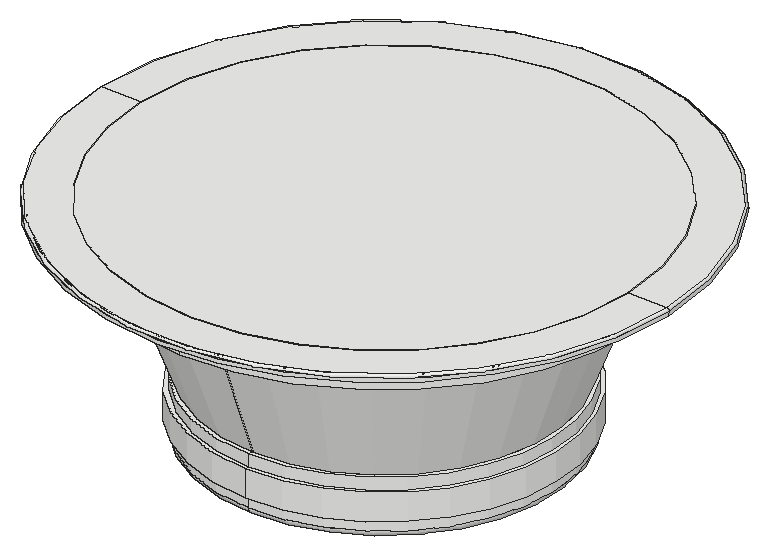
Revit family "Electronics_Commercial-Loudspeakers_Dual-Coil-Ceiling-Subwoofer_CMSUB8", category Communication Devices, host Face, Revit 2020
Family settings
  Host = Face
  Maintain Annotation Orientation = No
  Round Connector Dimension = Use Diameter
  Part Type = Normal
  OmniClass Number = 23.85.10.11.14.14.14
  OmniClass Title = Loudspeakers
  Cut with Voids When Loaded = No
  Shared = No
  Room Calculation Point = No
Parameters (values of type "CMSUB8")
  Grill Material = Biamp - Plastic - White(Grid)
  Frequency response in Hz = "50 - 200"  # constant formula
  Woofer size in inch = "8"  # constant formula
  Vertical dispersion angle 1000 Hz = "180°"  # constant formula
  Tweeter size in inch = "1"  # constant formula
  SPL 1W/1m in dB = "88"  # constant formula
  Max SPL 1m in dB = "107"  # constant formula
  Woofer cone material = "Coated paper"  # constant formula
  Weight = 4.62971 lbf  # constant formula
  URL = "https://www.biamp.com/"
  Product data url = "https://bimobject.com/biamp/product/cmsub8_commercial-loudspeakers-ceiling"
  Product Page URL = "https://www.biamp.com/products/product-families/commercial-loudspeakers/ceiling-loudspeakers#cmsub8"
  Product Documentation Link = "https://downloads.biamp.com/assets/docs/default-source/data-sheets/biamp_data_sheet_cmsub8_aug20.pdf"
  Mounting system = "3 screws"  # constant formula
  Model = "CMSUB8"  # constant formula
  Manufacturer = "Biamp"  # constant formula
  Main construction material = "ABS plastic"  # constant formula
  Low impedance dynamic power in watts = "2 x 80"  # constant formula
  Low impedance RMS power in watts = "2 x 40"  # constant formula
  Loudspeaker system = "Dual coil"  # constant formula
  Installation grip range in mm = "3 - 28"  # constant formula
  Impedance in ohms = "2 x 8"  # constant formula
  IP rating = "54"  # constant formula
  Housing Material = Biamp - Plastic - White
  Grille main material = "Aluminium"  # constant formula
  Diameter = 0' - 9.68504"  # constant formula
  Description = "CMSUB8 8 Dual Coil Ceiling Subwoofer"  # constant formula
  Depth = 0' - 3.8189"  # constant formula
  Default Elevation = 4' - 0"
  Cutout in mm = "223"  # constant formula
  Connector Description = "Terminal strip; Low impedance 2 x 8 ohms"  # constant formula
  Colour = "White"  # constant formula
  Closest RAL colour (subject to deviations) = "RAL9010"  # constant formula
  Applicable low impedance = "Yes"  # constant formula
Reference planes (in)
  plane 1 "Center (Front/Back)": y = 0
  plane 2: z = 0
  plane 3 "Center (Left/Right)": x = 0
Forms (in)
  Extrusion 1, solid, material "Biamp - Plastic - White" <- "Housing Material", detail levels coarse
    sketch origin (0, 0, 0) x (1, 0, 0) y (0, 1, 0)
      loop
        circle (0, 0) r 4.42462
    from -3.54331 to 0
  Extrusion 2, void
    sketch origin (0, 0, 0) x (1, 0, 0) y (0, 1, 0)
      loop
        circle (0, 0) r 4.42462
    from -3.54331 to 0
  Revolve 3, solid, material "Biamp - Plastic - White" <- "Housing Material", detail levels medium+fine
    sketch origin (0, 0, 0) x (1, 0, 0) y (0, 0, 1)
      loop
        line (0, 0) -> (0, 0.10089) -> (-4.8828, 0.10089)
        arc (-4.8828, 0.10089) -> (-4.91, 0.08962) -> (-4.92126, 0.06243) r 0.03846
        line (-4.92126, 0.06243) -> (-4.92126, 0) -> (0, 0)
      axis (0, 0) -> (0, 0.10089)
    angle from 0 to 360
  Revolve 4, solid, material "Biamp - Plastic - White" <- "Housing Material", detail levels medium+fine
    sketch origin (0, 0, 0) x (0, 1, 0) y (0, 0, 1)
      loop
        line (0, 0) -> (-4.42462, 0) -> (-4.42462, -0.3937) -> (-3.69441, -0.3937) -> (-2.84982, -2.59393) -> (-2.92172, -2.59393) -> (-2.92172, -2.79078) -> (-2.99014, -2.79078) -> (-2.99014, -3.24631) -> (-2.92172, -3.24631) -> (-2.92172, -3.42903)
        arc (-2.92172, -3.42903) -> (-2.88825, -3.50983) -> (-2.80744, -3.54331) r 0.11428
        line (-2.80744, -3.54331) -> (0, -3.54331) -> (0, 0)
      axis (0, 0) -> (0, -3.54331)
    angle from 0 to 360
  Extrusion 5, void
    sketch origin (0, 0.24606, 0) x (1, 0, 0) y (0, 1, 0)
      loop
        circle (0, -0.93002) r 0.59055
    from -3.72319 to -3.50842
  Revolve 6, solid, material "Biamp - Plastic - White" <- "Housing Material", detail levels coarse
    sketch origin (0, 0, 0) x (1, 0, 0) y (0, 0, 1)
      loop
        line (0, 0) -> (0, 0.10089) -> (-4.8828, 0.10089)
        arc (-4.8828, 0.10089) -> (-4.91, 0.08962) -> (-4.92126, 0.06243) r 0.03846
        line (-4.92126, 0.06243) -> (-4.92126, 0) -> (0, 0)
      axis (0, 0) -> (0, 0.10089)
    angle from 0 to 360
  Extrusion 7, void
    sketch origin (0, 0, 0) x (1, 0, 0) y (0, 1, 0)
      loop
        circle (0, 0) r 4.2126
    from 0 to 0.38008
  Extrusion 8, solid, material "Biamp - Plastic - White(Grid)" <- "Grill Material", detail levels medium+fine
    sketch origin (0, 0, 0) x (1, 0, 0) y (0, 1, 0)
      loop
        circle (0, 0) r 4.2126
    from 0 to 0.10089
Cuts and joins
  Extrusion 5, Extrusion 7 cuts Extrusion 1
  Extrusion 5, Extrusion 7 cuts Revolve 3
  Extrusion 5, Extrusion 7 cuts Revolve 4
Lines and regions (in)
  Masking region 1
    outline origin (0, 0, 0) x (1, 0, 0) y (0, 0, 1)
      loop
        line (-4.42983, 0) -> (-4.42983, -3.54331) -> (4.42844, -3.54331) -> (4.42844, 0) -> (-4.42983, 0)
  Masking region 2
    outline origin (0, 0, 0) x (1, 0, 0) y (0, 0, 1)
      loop
        line (-4.92227, 0) -> (4.92227, 0) -> (4.92227, 0.06237)
        arc (4.92227, 0.06237) -> (4.91099, 0.0896) -> (4.88375, 0.10089) r 0.03852
        line (4.88375, 0.10089) -> (-4.88375, 0.10089)
        arc (-4.88375, 0.10089) -> (-4.91099, 0.0896) -> (-4.92227, 0.06237) r 0.03852
        line (-4.92227, 0.06237) -> (-4.92227, 0)
  Masking region 3
    outline origin (0, 0, 0) x (1, 0, 0) y (0, 1, 0)
      loop
        circle (0, 0) r 4.92126
  Masking region 4
    outline origin (0, 0, 0) x (1, 0, 0) y (0, 1, 0)
      loop
        circle (0, 0) r 4.2126
Dimensions and locks (in)
  aligned and locked: plane 2 to host face
  aligned and locked: level to host face
Connectors (in)
  electrical at (0, -0.68396, -3.50842), driven by "Connector Description"
    settings: on cut or joined group of Extrusion 1, Extrusion 5, Extrusion 7, index 1, voltage 0 V, apparent load 0 VA, apparent load phase1 0 VA, apparent load phase2 0 VA, apparent load phase3 0 VA, power factor 1, load classification "Other", number of poles 1, system type 5, power factor state 1, is connector primary yes, connector utility no, sub classification motor no, connector description "Terminal strip; Low impedance 2 x 8 ohms"
